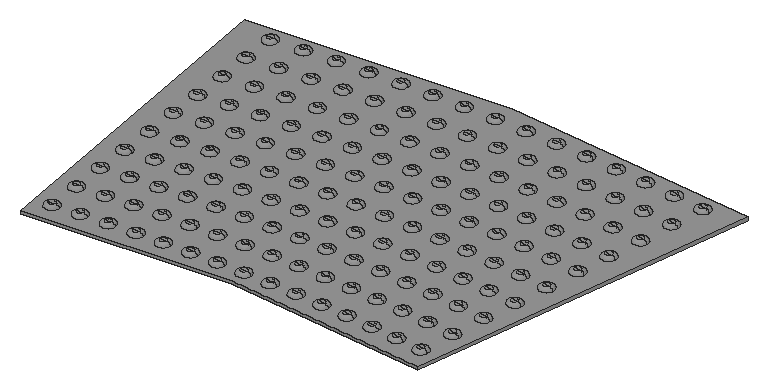
Revit family "Detectable-Warning-Surfaces_Surface-Applied-Radius-Panel-24X33_ADA-Solutions", category Generic Models, host Floor, Revit 2026 (continued)
Forms (in)
  Revolve 124, solid, material "ADA White" <- "Color"
    sketch origin (6.84829, 8.31338, -4.99148) x (0.987295, -0.1589, 0) y (0, 0, 1)
      axis (1.14124, 5.37478) -> (1.14124, 5.17798)
    angle from 0 to 360
  Revolve 125, solid, material "ADA White" <- "Color"
    sketch origin (6.75422, 6.00325, -4.99148) x (0.987295, -0.1589, 0) y (0, 0, 1)
      loop
        line (1.14124, 5.37478) -> (0.89322, 5.37478)
        arc (0.89322, 5.37478) -> (0.75575, 5.31212) -> (0.68625, 5.17798) r 0.23136
        line (0.68625, 5.17798) -> (1.14124, 5.17798) -> (1.14124, 5.37478)
      axis (1.14124, 5.37478) -> (1.14124, 5.17798)
    angle from 0 to 360
  Revolve 126, solid, material "ADA White" <- "Color"
    sketch origin (6.61516, 3.70867, -4.99148) x (0.987295, -0.1589, 0) y (0, 0, 1)
      loop
        line (1.14124, 5.37478) -> (0.89322, 5.37478)
        arc (0.89322, 5.37478) -> (0.75575, 5.31212) -> (0.68625, 5.17798) r 0.23136
        line (0.68625, 5.17798) -> (1.14124, 5.17798) -> (1.14124, 5.37478)
      axis (1.14124, 5.37478) -> (1.14124, 5.17798)
    angle from 0 to 360
  Revolve 127, solid, material "ADA White" <- "Color"
    sketch origin (6.45261, 1.46455, -4.99148) x (0.987295, -0.1589, 0) y (0, 0, 1)
      loop
        line (1.14124, 5.37478) -> (0.89322, 5.37478)
        arc (0.89322, 5.37478) -> (0.75575, 5.31212) -> (0.68625, 5.17798) r 0.23136
        line (0.68625, 5.17798) -> (1.14124, 5.17798) -> (1.14124, 5.37478)
      axis (1.14124, 5.37478) -> (1.14124, 5.17798)
    angle from 0 to 360
  Revolve 128, solid, material "ADA White" <- "Color"
    sketch origin (6.35854, -0.84558, -4.99148) x (0.987295, -0.1589, 0) y (0, 0, 1)
      loop
        line (1.14124, 5.37478) -> (0.89322, 5.37478)
        arc (0.89322, 5.37478) -> (0.75575, 5.31212) -> (0.68625, 5.17798) r 0.23136
        line (0.68625, 5.17798) -> (1.14124, 5.17798) -> (1.14124, 5.37478)
      axis (1.14124, 5.37478) -> (1.14124, 5.17798)
    angle from 0 to 360
  Revolve 129, solid, material "ADA White" <- "Color"
    sketch origin (6.18814, -3.13323, -4.99148) x (0.987295, -0.1589, 0) y (0, 0, 1)
      loop
        line (1.14124, 5.37478) -> (0.89322, 5.37478)
        arc (0.89322, 5.37478) -> (0.75575, 5.31212) -> (0.68625, 5.17798) r 0.23136
        line (0.68625, 5.17798) -> (1.14124, 5.17798) -> (1.14124, 5.37478)
      axis (1.14124, 5.37478) -> (1.14124, 5.17798)
    angle from 0 to 360
  Revolve 130, solid, material "ADA White" <- "Color"
    sketch origin (6.02559, -5.37735, -4.99148) x (0.987295, -0.1589, 0) y (0, 0, 1)
      loop
        line (1.14124, 5.37478) -> (0.89322, 5.37478)
        arc (0.89322, 5.37478) -> (0.75575, 5.31212) -> (0.68625, 5.17798) r 0.23136
        line (0.68625, 5.17798) -> (1.14124, 5.17798) -> (1.14124, 5.37478)
      axis (1.14124, 5.37478) -> (1.14124, 5.17798)
    angle from 0 to 360
  Revolve 131, solid, material "ADA White" <- "Color"
    sketch origin (5.93152, -7.68748, -4.99148) x (0.987295, -0.1589, 0) y (0, 0, 1)
      loop
        line (1.14124, 5.37478) -> (0.89322, 5.37478)
        arc (0.89322, 5.37478) -> (0.75575, 5.31212) -> (0.68625, 5.17798) r 0.23136
        line (0.68625, 5.17798) -> (1.14124, 5.17798) -> (1.14124, 5.37478)
      axis (1.14124, 5.37478) -> (1.14124, 5.17798)
    angle from 0 to 360
  Revolve 132, solid, material "ADA White" <- "Color"
    sketch origin (5.79246, -9.98205, -4.99148) x (0.987295, -0.1589, 0) y (0, 0, 1)
      loop
        line (1.14124, 5.37478) -> (0.89322, 5.37478)
        arc (0.89322, 5.37478) -> (0.75575, 5.31212) -> (0.68625, 5.17798) r 0.23136
        line (0.68625, 5.17798) -> (1.14124, 5.17798) -> (1.14124, 5.37478)
      axis (1.14124, 5.37478) -> (1.14124, 5.17798)
    angle from 0 to 360
  Revolve 133, solid, material "ADA White" <- "Color"
    sketch origin (9.03849, 10.44109, -4.99148) x (0.984886, -0.173205, 0) y (0, 0, 1)
      loop
        line (1.14124, 5.37478) -> (0.89322, 5.37478)
        arc (0.89322, 5.37478) -> (0.75575, 5.31212) -> (0.68625, 5.17798) r 0.23136
        line (0.68625, 5.17798) -> (1.14124, 5.17798) -> (1.14124, 5.37478)
      axis (1.14124, 5.37478) -> (1.14124, 5.17798)
    angle from 0 to 360
  Revolve 134, solid, material "ADA White" <- "Color"
    sketch origin (8.8434, 8.19956, -4.99148) x (0.984886, -0.173205, 0) y (0, 0, 1)
      loop
        line (1.14124, 5.37478) -> (0.89322, 5.37478)
        arc (0.89322, 5.37478) -> (0.75575, 5.31212) -> (0.68625, 5.17798) r 0.23136
        line (0.68625, 5.17798) -> (1.14124, 5.17798) -> (1.14124, 5.37478)
      axis (1.14124, 5.37478) -> (1.14124, 5.17798)
    angle from 0 to 360
  Revolve 135, solid, material "ADA White" <- "Color"
    sketch origin (8.71583, 5.89103, -4.99148) x (0.984886, -0.173205, 0) y (0, 0, 1)
      loop
        line (1.14124, 5.37478) -> (0.89322, 5.37478)
        arc (0.89322, 5.37478) -> (0.75575, 5.31212) -> (0.68625, 5.17798) r 0.23136
        line (0.68625, 5.17798) -> (1.14124, 5.17798) -> (1.14124, 5.37478)
      axis (1.14124, 5.37478) -> (1.14124, 5.17798)
    angle from 0 to 360
  Revolve 136, solid, material "ADA White" <- "Color"
    sketch origin (8.54349, 3.59872, -4.99148) x (0.984886, -0.173205, 0) y (0, 0, 1)
      loop
        line (1.14124, 5.37478) -> (0.89322, 5.37478)
        arc (0.89322, 5.37478) -> (0.75575, 5.31212) -> (0.68625, 5.17798) r 0.23136
        line (0.68625, 5.17798) -> (1.14124, 5.17798) -> (1.14124, 5.37478)
      axis (1.14124, 5.37478) -> (1.14124, 5.17798)
    angle from 0 to 360
  Revolve 137, solid, material "ADA White" <- "Color"
    sketch origin (8.3484, 1.35719, -4.99148) x (0.984886, -0.173205, 0) y (0, 0, 1)
      loop
        line (1.14124, 5.37478) -> (0.89322, 5.37478)
        arc (0.89322, 5.37478) -> (0.75575, 5.31212) -> (0.68625, 5.17798) r 0.23136
        line (0.68625, 5.17798) -> (1.14124, 5.17798) -> (1.14124, 5.37478)
      axis (1.14124, 5.37478) -> (1.14124, 5.17798)
    angle from 0 to 360
  Revolve 138, solid, material "ADA White" <- "Color"
    sketch origin (8.22083, -0.95133, -4.99148) x (0.984886, -0.173205, 0) y (0, 0, 1)
      loop
        line (1.14124, 5.37478) -> (0.89322, 5.37478)
        arc (0.89322, 5.37478) -> (0.75575, 5.31212) -> (0.68625, 5.17798) r 0.23136
        line (0.68625, 5.17798) -> (1.14124, 5.17798) -> (1.14124, 5.37478)
      axis (1.14124, 5.37478) -> (1.14124, 5.17798)
    angle from 0 to 360
  Revolve 139, solid, material "ADA White" <- "Color"
    sketch origin (8.01727, -3.23627, -4.99148) x (0.984886, -0.173205, 0) y (0, 0, 1)
      loop
        line (1.14124, 5.37478) -> (0.89322, 5.37478)
        arc (0.89322, 5.37478) -> (0.75575, 5.31212) -> (0.68625, 5.17798) r 0.23136
        line (0.68625, 5.17798) -> (1.14124, 5.17798) -> (1.14124, 5.37478)
      axis (1.14124, 5.37478) -> (1.14124, 5.17798)
    angle from 0 to 360
  Revolve 140, solid, material "ADA White" <- "Color"
    sketch origin (7.82218, -5.47779, -4.99148) x (0.984886, -0.173205, 0) y (0, 0, 1)
      loop
        line (1.14124, 5.37478) -> (0.89322, 5.37478)
        arc (0.89322, 5.37478) -> (0.75575, 5.31212) -> (0.68625, 5.17798) r 0.23136
        line (0.68625, 5.17798) -> (1.14124, 5.17798) -> (1.14124, 5.37478)
      axis (1.14124, 5.37478) -> (1.14124, 5.17798)
    angle from 0 to 360
  Revolve 141, solid, material "ADA White" <- "Color"
    sketch origin (7.69461, -7.78632, -4.99148) x (0.984886, -0.173205, 0) y (0, 0, 1)
      loop
        line (1.14124, 5.37478) -> (0.89322, 5.37478)
        arc (0.89322, 5.37478) -> (0.75575, 5.31212) -> (0.68625, 5.17798) r 0.23136
        line (0.68625, 5.17798) -> (1.14124, 5.17798) -> (1.14124, 5.37478)
      axis (1.14124, 5.37478) -> (1.14124, 5.17798)
    angle from 0 to 360
  Revolve 142, solid, material "ADA White" <- "Color"
    sketch origin (7.52228, -10.07863, -4.99148) x (0.984886, -0.173205, 0) y (0, 0, 1)
      loop
        line (1.14124, 5.37478) -> (0.89322, 5.37478)
        arc (0.89322, 5.37478) -> (0.75575, 5.31212) -> (0.68625, 5.17798) r 0.23136
        line (0.68625, 5.17798) -> (1.14124, 5.17798) -> (1.14124, 5.37478)
      axis (1.14124, 5.37478) -> (1.14124, 5.17798)
    angle from 0 to 360
  Revolve 143, solid, material "ADA White" <- "Color"
    sketch origin (11.06423, 10.29527, -4.99148) x (0.98227, -0.187474, 0) y (0, 0, 1)
      loop
        line (1.14124, 5.37478) -> (0.89322, 5.37478)
        arc (0.89322, 5.37478) -> (0.75575, 5.31212) -> (0.68625, 5.17798) r 0.23136
        line (0.68625, 5.17798) -> (1.14124, 5.17798) -> (1.14124, 5.37478)
      axis (1.14124, 5.37478) -> (1.14124, 5.17798)
    angle from 0 to 360
  Revolve 144, solid, material "ADA White" <- "Color"
    sketch origin (10.83664, 8.05681, -4.99148) x (0.98227, -0.187474, 0) y (0, 0, 1)
      loop
        line (1.14124, 5.37478) -> (0.89322, 5.37478)
        arc (0.89322, 5.37478) -> (0.75575, 5.31212) -> (0.68625, 5.17798) r 0.23136
        line (0.68625, 5.17798) -> (1.14124, 5.17798) -> (1.14124, 5.37478)
      axis (1.14124, 5.37478) -> (1.14124, 5.17798)
    angle from 0 to 360
  Revolve 145, solid, material "ADA White" <- "Color"
    sketch origin (10.6756, 5.75038, -4.99148) x (0.98227, -0.187474, 0) y (0, 0, 1)
      loop
        line (1.14124, 5.37478) -> (0.89322, 5.37478)
        arc (0.89322, 5.37478) -> (0.75575, 5.31212) -> (0.68625, 5.17798) r 0.23136
        line (0.68625, 5.17798) -> (1.14124, 5.17798) -> (1.14124, 5.37478)
      axis (1.14124, 5.37478) -> (1.14124, 5.17798)
    angle from 0 to 360
  Revolve 146, solid, material "ADA White" <- "Color"
    sketch origin (10.47003, 3.4608, -4.99148) x (0.98227, -0.187474, 0) y (0, 0, 1)
      loop
        line (1.14124, 5.37478) -> (0.89322, 5.37478)
        arc (0.89322, 5.37478) -> (0.75575, 5.31212) -> (0.68625, 5.17798) r 0.23136
        line (0.68625, 5.17798) -> (1.14124, 5.17798) -> (1.14124, 5.37478)
      axis (1.14124, 5.37478) -> (1.14124, 5.17798)
    angle from 0 to 360
  Revolve 147, solid, material "ADA White" <- "Color"
    sketch origin (10.24244, 1.22234, -4.99148) x (0.98227, -0.187474, 0) y (0, 0, 1)
      loop
        line (1.14124, 5.37478) -> (0.89322, 5.37478)
        arc (0.89322, 5.37478) -> (0.75575, 5.31212) -> (0.68625, 5.17798) r 0.23136
        line (0.68625, 5.17798) -> (1.14124, 5.17798) -> (1.14124, 5.37478)
      axis (1.14124, 5.37478) -> (1.14124, 5.17798)
    angle from 0 to 360
  Revolve 148, solid, material "ADA White" <- "Color"
    sketch origin (10.0814, -1.08409, -4.99148) x (0.98227, -0.187474, 0) y (0, 0, 1)
      loop
        line (1.14124, 5.37478) -> (0.89322, 5.37478)
        arc (0.89322, 5.37478) -> (0.75575, 5.31212) -> (0.68625, 5.17798) r 0.23136
        line (0.68625, 5.17798) -> (1.14124, 5.17798) -> (1.14124, 5.37478)
      axis (1.14124, 5.37478) -> (1.14124, 5.17798)
    angle from 0 to 360
  Revolve 149, solid, material "ADA White" <- "Color"
    sketch origin (9.84471, -3.36583, -4.99148) x (0.98227, -0.187474, 0) y (0, 0, 1)
      loop
        line (1.14124, 5.37478) -> (0.89322, 5.37478)
        arc (0.89322, 5.37478) -> (0.75575, 5.31212) -> (0.68625, 5.17798) r 0.23136
        line (0.68625, 5.17798) -> (1.14124, 5.17798) -> (1.14124, 5.37478)
      axis (1.14124, 5.37478) -> (1.14124, 5.17798)
    angle from 0 to 360
  Revolve 150, solid, material "ADA White" <- "Color"
    sketch origin (9.61713, -5.60429, -4.99148) x (0.98227, -0.187474, 0) y (0, 0, 1)
      loop
        line (1.14124, 5.37478) -> (0.89322, 5.37478)
        arc (0.89322, 5.37478) -> (0.75575, 5.31212) -> (0.68625, 5.17798) r 0.23136
        line (0.68625, 5.17798) -> (1.14124, 5.17798) -> (1.14124, 5.37478)
      axis (1.14124, 5.37478) -> (1.14124, 5.17798)
    angle from 0 to 360
  Revolve 151, solid, material "ADA White" <- "Color"
    sketch origin (9.45608, -7.91072, -4.99148) x (0.98227, -0.187474, 0) y (0, 0, 1)
      loop
        line (1.14124, 5.37478) -> (0.89322, 5.37478)
        arc (0.89322, 5.37478) -> (0.75575, 5.31212) -> (0.68625, 5.17798) r 0.23136
        line (0.68625, 5.17798) -> (1.14124, 5.17798) -> (1.14124, 5.37478)
      axis (1.14124, 5.37478) -> (1.14124, 5.17798)
    angle from 0 to 360
  Revolve 152, solid, material "ADA White" <- "Color"
    sketch origin (9.25051, -10.2003, -4.99148) x (0.98227, -0.187474, 0) y (0, 0, 1)
      loop
        line (1.14124, 5.37478) -> (0.89322, 5.37478)
        arc (0.89322, 5.37478) -> (0.75575, 5.31212) -> (0.68625, 5.17798) r 0.23136
        line (0.68625, 5.17798) -> (1.14124, 5.17798) -> (1.14124, 5.37478)
      axis (1.14124, 5.37478) -> (1.14124, 5.17798)
    angle from 0 to 360
Dimensions and locks (in)
  equal spacing: host sketch curve, plane 1 "Center (Front/Back)", host sketch curve
  equal spacing: host sketch curve, plane 3 "Center (Left/Right)", host sketch curve
  host sketch curve to host sketch curve = 120"  (x2)
  "Length": plane 4 to plane 6
  "Width": plane 5 to plane 7
  equal spacing: plane 4, plane 3 "Center (Left/Right)", plane 6
  equal spacing: plane 5, plane 1 "Center (Front/Back)", plane 7
  aligned and locked: level to plane 2
Automatic sketch dimensions
  Extrusion 1 sketch curve to plane 4 = 0"
  plane 7 to Extrusion 1 sketch curve = 0"  (x2)
  Extrusion 1 sketch curve to plane 3 "Center (Left/Right)" = 0"  (x2)
  Extrusion 1 sketch curve to plane 6 = 0"
  plane 4 to Extrusion 1 sketch curve = 3.46687"
  plane 7 to Extrusion 1 sketch curve = 80.06339"
  Extrusion 1 sketch curve to Extrusion 1 sketch curve = 5.46161"
  Extrusion 1 sketch curve to plane 5 = 1.25"
Types (9): name | Color
  ADA Yellow | ADA Yellow
  ADA Seattle Yellow | ADA Seattle Yellow
  ADA White | ADA White
  ADA Dark Gray | ADA Dark Gray
  ADA Blue | ADA Blue
  ADA Black | ADA Black
  ADA Safety Red | ADA Safety Red
  ADA Brick Red | ADA Brick Red
  ADA Clay Red | ADA Clay Red
